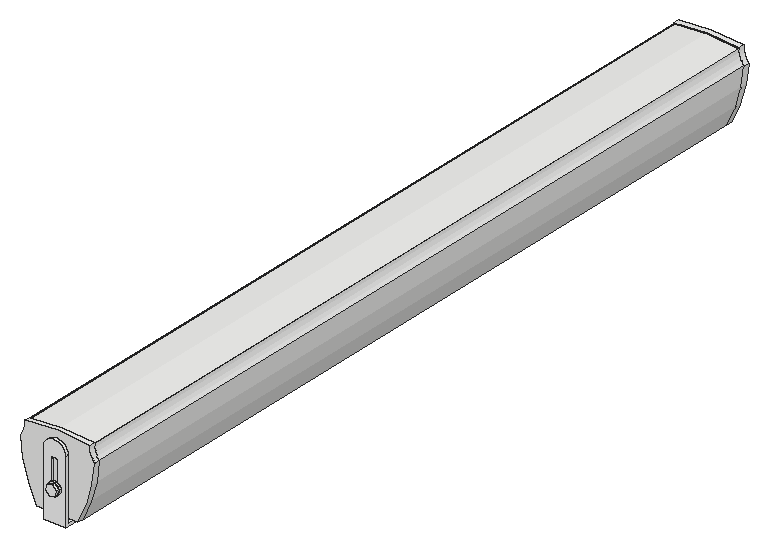
Revit family "Electronics_Desono_Biamp_Two-Way-Column-Loudspeaker_COLS101", category Communication Devices, host Face, Revit 2020
Family settings
  Host = Face
  Maintain Annotation Orientation = No
  Round Connector Dimension = Use Diameter
  Part Type = Normal
  OmniClass Number = 23.85.10.11.14.14.14
  OmniClass Title = Loudspeakers
  Cut with Voids When Loaded = No
  Shared = No
  Room Calculation Point = No
Parameters (values of type "COLS101")
  Width = 0' - 2.59843"  # constant formula
  Weight = 7.30 lbf  # constant formula
  URL = "https://www.biamp.com/"
  Transformer = "70V: 40W, 20W, 10W, 5W; 100V: 40W, 20W, 10W"  # constant formula
  Transducers = "LF 10 x 2 (51 mm) coated paper cone HF 1 x 1 (25 mm) soft dome"  # constant formula
  Shipping Weight = 8.60 lbf  # constant formula
  Rotate angle [instance] = 0.00°
  Recommended Amplifers = "30W - 60W @ 8Ω (20V - 28V)"  # constant formula
  Product data url = "https://www.bimobject.com/biamp/product/cols101_desono-column"
  Product Page URL = "https://www.biamp.com/products/product-families/desono/column-loudspeakers#cols101"
  Product Documentation Link = "https://downloads.biamp.com/assets/docs/default-source/data-sheets/biamp_data_sheet_desono_cols101_jun21.pdf"
  Operating Range 2 (-10dB) = "195 Hz to 22 kHz"  # constant formula
  Operating Mode = "Passive"  # constant formula
  Operating Environment = "Indoor/Outdoor"  # constant formula
  Offset [instance] = 0' - 0"
  Nominal Sensitivity @ 1m = "1W - 91dB; 2.83V - 91dB"  # constant formula
  Nominal Maximum SPL @ 1m = "Peak - 112dB; Continuous - 106dB"  # constant formula
  Nominal Beamwidth (H x V) = "120° x 10°"  # constant formula
  Nom rotate angle [instance] = if(and(Nom offset < 0' 0 1/4", or(Rotate angle < -15.00°, Rotate angle = -15.00°)), -15.00°, if(and(Nom offset < 0' 0 1/4", and(Rotate angle > -15.00°, Rotate angle < 15.00°)), Rotate angle, if(and(Nom offset < 0' 0 1/4", or(Rotate angle > 15.00°, Rotate angle = 15.00°)), 15.00°, if(and(and(Nom offset > 0' 0 51/256", Nom offset < 0' 0 217/256"), or(Rotate angle < -90.00°, Rotate angle = -90.00°)), -90.00°, if(and(and(Nom offset > 0' 0 51/256", Nom offset < 0' 0 217/256"), and(Rotate angle > -90.00°, Rotate angle < 90.00°)), Rotate angle, if(and(and(Nom offset > 0' 0 51/256", Nom offset < 0' 0 217/256"), or(Rotate angle > 90.00°, Rotate angle = 90.00°)), 90.00°, 0.00°))))))  # 0.00°
  Nom offset [instance] = if(or(Offset < 0' 0", Offset = 0' 0"), 0' 0", if(and(Offset > 0' 0", Offset < 0' 0 217/256"), Offset, if(or(Offset > 0' 0 217/256", Offset = 0' 0 217/256"), 0' 0 217/256", 0' 0")))  # 0' - 0"
  Mounting Provisions = "Adjustable tilt L-bracket"  # constant formula
  Model = "COLS101"  # constant formula
  Manufacturer = "Biamp"  # constant formula
  Input Connection = "Multi-position pass-through, screw-down terminal block"  # constant formula
  Housing Material = Biamp - Plastic - White
  Height = 2' - 4.38583"  # constant formula
  Grill Material = Biamp - Plastic - White(Grid)
  Environmental = "IP66 per IEC 60529"  # constant formula
  Description = "Desono™ COLS101 Two-Way 10 x 2 Column Loudspeaker"  # constant formula
  Depth = 0' - 2.59843"  # constant formula
  Default Elevation = 4' - 0"
  Controls = "None; select transformer tap or low impedance input via terminal block wiring"  # constant formula
  Continuous Power Handling Nominal Impedance = "15V; 30W @ 8Ω (120W peak)"  # constant formula
  Connector Description = "Terminal block; Low impedance 16 ohms; 70V/100V operation"  # constant formula
  Bracket Material = Biamp - Metal - White
Reference planes (in)
  plane 1 "Center (Front/Back)": y = 0
  plane 2: z = 0
  plane 3 "Center (Left/Right)": x = 0
  plane 4: z = 1.09766
  plane 5: z = 1.09766
Forms (in)
  Sweep 1, solid, material "Biamp - Metal - White" <- "Bracket Material", detail levels coarse
    path origin (0, 0, 0) x (1, 0, 0) y (0, 1, 0)
      loop
        line (0.3937, 0) -> (-0.3937, 0)
    profile origin (0, 0, 0) x (0, -1, 0) y (0, 0, 1)
      loop
        line (-14.31102, 0) -> (-11.24016, 0) -> (-11.24016, 0.07874) -> (-14.23228, 0.07874) -> (-14.23228, 2.61565) -> (-14.31102, 2.61565) -> (-14.31102, 0)
      loop
        line (14.31102, 0) -> (14.31102, 2.61565) -> (14.23228, 2.61565) -> (14.23228, 0.07874) -> (11.24016, 0.07874) -> (11.24016, 0) -> (14.31102, 0)
  Sweep 2, solid, material "Biamp - Metal - White" <- "Bracket Material", detail levels medium+fine
    path origin (0, 0, 0) x (1, 0, 0) y (0, 1, 0)
      loop
        line (0.3937, 0) -> (-0.3937, 0)
    profile origin (0, 0, 0) x (0, -1, 0) y (0, 0, 1)
      loop
        line (-14.31102, 0) -> (-11.24016, 0) -> (-11.24016, 0.07874) -> (-14.23228, 0.07874) -> (-14.23228, 2.61565) -> (-14.31102, 2.61565) -> (-14.31102, 0)
      loop
        line (14.31102, 0) -> (14.31102, 2.61565) -> (14.23228, 2.61565) -> (14.23228, 0.07874) -> (11.24016, 0.07874) -> (11.24016, 0) -> (14.31102, 0)
  Sweep 3, void
    path origin (0, 0, 0) x (1, 0, 0) y (0, 1, 0)
      loop
        line (0, -14.38976) -> (0, 14.38976)
    profile origin (0, 0, 0) x (-1, 0, 0) y (0, 0, 1)
      loop
        line (0.3937, 2.22195) -> (0.7874, 2.73406) -> (-0.7874, 2.73406) -> (-0.3937, 2.22195)
        arc (-0.3937, 2.22195) -> (0, 2.61565) -> (0.3937, 2.22195) r 0.3937
  Sweep 4, void
    path origin (0, 0, 0) x (1, 0, 0) y (0, 1, 0)
      loop
        line (0, -14.38976) -> (0, 14.38976)
    profile origin (0, 0, 0) x (-1, 0, 0) y (0, 0, 1)
      loop
        line (0.11834, 1.08194) -> (0.11834, 1.95664)
        arc (0.11834, 1.95664) -> (0, 2.07499) -> (-0.11834, 1.95664) r 0.11834
        line (-0.11834, 1.95664) -> (-0.11834, 1.08194)
        arc (-0.11834, 1.08194) -> (0, 0.9636) -> (0.11834, 1.08194) r 0.11834
  Revolve 5, solid, material "Biamp - Metal - White" <- "Bracket Material"
    sketch origin (0, 0, 0) x (0, 1, 0) y (0, 0, 1)
      loop
        line (14.0916, 1.09766) -> (14.37795, 1.09766) -> (14.37795, 1.31774) -> (14.31102, 1.31774) -> (14.31102, 1.15852) -> (14.0916, 1.15852) -> (14.0916, 1.09766)
      loop
        line (-14.0916, 1.09766) -> (-14.0916, 1.15852) -> (-14.31102, 1.15852) -> (-14.31102, 1.31774) -> (-14.37795, 1.31774) -> (-14.37795, 1.09766) -> (-14.0916, 1.09766)
      axis (-14.37795, 1.09766) -> (14.37795, 1.09766)
    angle from 0 to 360
  Sweep 6, solid, material "Biamp - Metal - White" <- "Bracket Material", detail levels medium+fine
    path origin (0, 6.24016, 0) x (0, 1, 0) y (0, 0, 1)
      loop
        line (8.13779, 1.09766) -> (8.21091, 1.09766)
    profile origin (0, 14.41451, 1.09766) x (0, 0, 1) y (1, 0, 0)
      loop
        line (0.05002, 0.18667) -> (-0.13665, 0.13665) -> (-0.18667, -0.05002) -> (-0.05002, -0.18667) -> (0.13665, -0.13665) -> (0.18667, 0.05002) -> (0.05002, 0.18667)
  Sweep 7, solid, material "Biamp - Metal - White" <- "Bracket Material", detail levels medium+fine
    path origin (0, -6.24016, 0) x (0, -1, 0) y (0, 0, 1)
      loop
        line (8.13779, 1.09766) -> (8.21091, 1.09766)
    profile origin (0, -14.41451, 1.09766) x (0, 0, -1) y (1, 0, 0)
      loop
        line (-0.05002, 0.18667) -> (-0.18667, 0.05002) -> (-0.13665, -0.13665) -> (0.05002, -0.18667) -> (0.18667, -0.05002) -> (0.13665, 0.13665) -> (-0.05002, 0.18667)
Cuts and joins
  Sweep 3, Sweep 4 cuts Sweep 2
  Sweep 4 cuts Sweep 1
Lines and regions (in)
  Masking region 1
    outline origin (0, 0, 0) x (1, 0, 0) y (0, 0, 1)
      loop
        line (-0.3937, 0) -> (0.3937, 0) -> (0.3937, 2.22195)
        arc (0.3937, 2.22195) -> (0, 2.61565) -> (-0.3937, 2.22195) r 0.3937
        line (-0.3937, 2.22195) -> (-0.3937, 0)
      loop
        line (0.11834, 1.08194) -> (0.11834, 1.95664)
        arc (0.11834, 1.95664) -> (0, 2.07499) -> (-0.11834, 1.95664) r 0.11834
        line (-0.11834, 1.95664) -> (-0.11834, 1.08194)
        arc (-0.11834, 1.08194) -> (0, 0.9636) -> (0.11834, 1.08194) r 0.11834
  Masking region 2
    outline origin (0, 0, 0) x (1, 0, 0) y (0, 1, 0)
      loop
        line (-0.3937, 14.38976) -> (-0.3937, 11.3189) -> (0.3937, 11.3189) -> (0.3937, 14.38976) -> (-0.3937, 14.38976)
      loop
        line (-0.3937, -14.38976) -> (0.3937, -14.38976) -> (0.3937, -11.3189) -> (-0.3937, -11.3189) -> (-0.3937, -14.38976)
  Masking region 3
    outline origin (0, 0, 0) x (1, 0, 0) y (0, 0, 1)
      loop
        circle (0, 1.09766) r 0.22008
  reference lines
    curve 1: line (0, 0, 1.09766) -> (0, 0, 4.64096)
Dimensions and locks (in)
  Masking region 1 sketch curve to Masking region 1 sketch curve = 0' - 2.22195"
  plane 2 to Masking region 1 sketch curve = 0' - 1.08194"
  "Nom offset": plane 4 to plane 5
  "Nom rotate angle": angle curve 1 to plane 3 "Center (Left/Right)"
  aligned and locked: plane 2 to host face
  aligned and locked: level to host face
  aligned and locked: plane 3 "Center (Left/Right)" to curve 1
  aligned and locked: plane 4 to curve 1
  aligned and locked: Sweep 7 sketch curve to plane 4
Automatic sketch dimensions
  host sketch curve to host sketch curve = 8' - 0"  (x2)
  plane 1 "Center (Front/Back)" to Sweep 1 sketch curve = 0' - 0"
  Sweep 1 sketch curve to plane 3 "Center (Left/Right)" = 0' - 0.3937"
  plane 3 "Center (Left/Right)" to Sweep 1 sketch curve = 0' - 0.3937"
  Sweep 1 sketch curve to level = 0' - 0"  (x2)
  level to Sweep 1 sketch curve = 0' - 2.61565"
  profile plane to Sweep 1 sketch curve = 1' - 2.31102"
  Sweep 1 sketch curve to Sweep 1 sketch curve = 0' - 0.07874"  (x2)
  level to Sweep 1 sketch curve = 0' - 0.07874"  (x2)
  Sweep 1 sketch curve to Sweep 1 sketch curve = 0' - 2.99213"  (x2)
  Sweep 1 sketch curve to profile plane = 0' - 11.24016"
  Sweep 1 sketch curve to Sweep 1 sketch curve = 0' - 2.53691"
  plane 1 "Center (Front/Back)" to Sweep 2 sketch curve = 0' - 0"
  Sweep 2 sketch curve to plane 3 "Center (Left/Right)" = 0' - 0.3937"
  plane 3 "Center (Left/Right)" to Sweep 2 sketch curve = 0' - 0.3937"
  Sweep 2 sketch curve to level = 0' - 0"  (x2)
  level to Sweep 2 sketch curve = 0' - 2.61565"
  profile plane to Sweep 2 sketch curve = 1' - 2.31102"
  Sweep 2 sketch curve to Sweep 2 sketch curve = 0' - 0.07874"  (x2)
  level to Sweep 2 sketch curve = 0' - 0.07874"  (x2)
  Sweep 2 sketch curve to Sweep 2 sketch curve = 0' - 2.99213"  (x2)
  Sweep 2 sketch curve to profile plane = 0' - 11.24016"
  Sweep 2 sketch curve to Sweep 2 sketch curve = 0' - 2.53691"
  Sweep 3 sketch curve to profile plane = 0' - 0"
  profile plane to Sweep 3 sketch curve = 0' - 0.3937"
  Sweep 3 sketch curve to Sweep 3 sketch curve = 0' - 0.3937"  (x2)
  level to Sweep 3 sketch curve = 0' - 2.22195"
  Sweep 3 sketch curve to Sweep 3 sketch curve = 0' - 0.51211"
  Sweep 4 sketch curve to plane 3 "Center (Left/Right)" = 0' - 0"
  plane 1 "Center (Front/Back)" to Sweep 4 sketch curve = 1' - 2.38976"
  Sweep 4 sketch curve to plane 1 "Center (Front/Back)" = 1' - 2.38976"
  Sweep 4 sketch curve to profile plane = 0' - 0"
  profile plane to Sweep 4 sketch curve = 0' - 0.11834"
  level to Sweep 4 sketch curve = 0' - 1.08194"
  Sweep 4 sketch curve to Sweep 4 sketch curve = 0' - 0.8747"
  Revolve 5 sketch curve to plane 4 = 0' - 0"  (x3)
  plane 1 "Center (Front/Back)" to Revolve 5 sketch curve = 1' - 2.37795"
  Revolve 5 sketch curve to Revolve 5 sketch curve = 0' - 0.06693"  (x2)
  Revolve 5 sketch curve to Revolve 5 sketch curve = 0' - 0.21943"  (x2)
  Revolve 5 sketch curve to plane 1 "Center (Front/Back)" = 1' - 2.0916"
  plane 4 to Revolve 5 sketch curve = 0' - 0.06086"  (x2)
  Revolve 5 sketch curve to Revolve 5 sketch curve = 0' - 0.15922"  (x2)
  Revolve 5 sketch curve to Revolve 5 sketch curve = 0' - 6.37506"
  Revolve 5 sketch curve to Revolve 5 sketch curve = 0' - 6.07087"
  Sweep 6 sketch curve to plane 4 = 0' - 0"
  Sweep 6 sketch curve to plane 1 "Center (Front/Back)" = 1' - 2.37795"
  Sweep 6 sketch curve to Sweep 6 sketch curve = 0' - 0.07312"
  Sweep 6 sketch curve to plane 3 "Center (Left/Right)" = 0' - 0.05002"
  profile plane to Sweep 6 sketch curve = 0' - 0.18667"
  profile plane to Sweep 6 sketch curve = 0' - 0.13665"
  profile plane to Sweep 6 sketch curve = 0' - 0.05002"
  Sweep 6 sketch curve to profile plane = 0' - 0.05002"
  Sweep 6 sketch curve to profile plane = 0' - 0.13665"
  plane 3 "Center (Left/Right)" to Sweep 6 sketch curve = 0' - 0.05002"
  Sweep 6 sketch curve to profile plane = 0' - 0.18667"
  Sweep 6 sketch curve to plane 3 "Center (Left/Right)" = 0' - 0.13665"
  Sweep 6 sketch curve to plane 3 "Center (Left/Right)" = 0' - 0.18667"
  plane 3 "Center (Left/Right)" to Sweep 6 sketch curve = 0' - 0.13665"
  plane 3 "Center (Left/Right)" to Sweep 6 sketch curve = 0' - 0.18667"
  Sweep 7 sketch curve to plane 1 "Center (Front/Back)" = 1' - 2.37795"
  Sweep 7 sketch curve to Sweep 7 sketch curve = 0' - 0.07312"
  plane 3 "Center (Left/Right)" to Sweep 7 sketch curve = 0' - 0.05002"
  profile plane to Sweep 7 sketch curve = 0' - 0.18667"
  profile plane to Sweep 7 sketch curve = 0' - 0.13665"
  profile plane to Sweep 7 sketch curve = 0' - 0.05002"
  Sweep 7 sketch curve to profile plane = 0' - 0.05002"
  Sweep 7 sketch curve to profile plane = 0' - 0.13665"
  Sweep 7 sketch curve to plane 3 "Center (Left/Right)" = 0' - 0.05002"
  Sweep 7 sketch curve to profile plane = 0' - 0.18667"
  Sweep 7 sketch curve to plane 3 "Center (Left/Right)" = 0' - 0.13665"
  Sweep 7 sketch curve to plane 3 "Center (Left/Right)" = 0' - 0.18667"
  plane 3 "Center (Left/Right)" to Sweep 7 sketch curve = 0' - 0.13665"
  plane 3 "Center (Left/Right)" to Sweep 7 sketch curve = 0' - 0.18667"
  Masking region 1 sketch curve to level = 0' - 0"
  Masking region 1 sketch curve to plane 3 "Center (Left/Right)" = 0' - 0.3937"
  Masking region 1 sketch curve to plane 3 "Center (Left/Right)" = 0' - 0"  (x2)
  Sweep 3 sketch curve to plane 3 "Center (Left/Right)" = 0' - 0"
  plane 1 "Center (Front/Back)" to Sweep 3 sketch curve = 1' - 2.38976"
  Sweep 3 sketch curve to plane 1 "Center (Front/Back)" = 1' - 2.38976"
  Masking region 2 sketch curve to plane 3 "Center (Left/Right)" = 0' - 0.3937"  (x2)
  plane 3 "Center (Left/Right)" to Masking region 2 sketch curve = 0' - 0.3937"  (x2)
  plane 1 "Center (Front/Back)" to Masking region 2 sketch curve = 1' - 2.38976"
  Masking region 2 sketch curve to Masking region 2 sketch curve = 0' - 3.07087"  (x2)
  Masking region 2 sketch curve to plane 1 "Center (Front/Back)" = 0' - 11.3189"
  Masking region 1 sketch curve to Masking region 1 sketch curve = 0' - 0.11834"
  Masking region 1 sketch curve to Masking region 1 sketch curve = 0' - 0.26531"
  Masking region 3 sketch curve to plane 3 "Center (Left/Right)" = 0' - 0"
  Masking region 3 sketch curve to plane 4 = 0' - 0"
  radius of Masking region 3 sketch curve = 0' - 0.22008"
Nested families (in)
  nested 1: "COLS101" at (0, 0, 0.23644), Housing Material <- "Housing Material", Grill <- "Grill Material", type "COLS101"
    with Housing Material Biamp - Plastic - White, Grill Biamp - Plastic - White(Grid)
Connectors (in)
  electrical at (0.00001, -7.87402, 0.28365), driven by "Connector Description"
    settings: on nested 1, index 1, voltage 0 V, apparent load 0 VA, apparent load phase1 0 VA, apparent load phase2 0 VA, apparent load phase3 0 VA, power factor 1, load classification "Other", number of poles 1, system type 5, power factor state 1, is connector primary yes, connector utility no, sub classification motor no, connector description "Terminal block; Low impedance 16 ohms; 70V/100V operation"
Definition of nested family "COLS101"
  Parameters (values of type "COLS101")
    Housing Material [instance] = none
    Grill [instance] = none
    Default Elevation = 4' - 0"
  Reference planes (in)
    plane 1 "Center (Front/Back)": y = 0
    plane 2: z = 0
    plane 3 "Center (Left/Right)": x = 0
  Forms (in)
    Extrusion 1, solid, material <- "Housing Material", detail levels medium+fine
      sketch origin (0, 0, 0) x (1, 0, 0) y (0, 0, 1)
        loop
          line (-0.71874, 0) -> (0.71874, 0)
          arc (0.71874, 0) -> (1.11926, 0.97774) -> (1.2915, 2.0202) r 4.70511
          arc (1.2915, 2.0202) -> (1.16796, 2.24634) -> (1.12608, 2.50061) r 0.76881
          arc (1.12608, 2.50061) -> (0, 2.58381) -> (-1.12608, 2.50061) r 7.66194
          arc (-1.12608, 2.50061) -> (-1.16796, 2.24634) -> (-1.2915, 2.0202) r 0.76881
          arc (-1.2915, 2.0202) -> (-1.11926, 0.97774) -> (-0.71874, 0) r 4.70511
      from -13.99606 to 13.99606
    Extrusion 2, solid, material <- "Housing Material", detail levels medium+fine
      sketch origin (0, 0, 0) x (1, 0, 0) y (0, 0, 1)
        loop
          line (-0.71874, 0) -> (0.71874, 0)
          arc (0.71874, 0) -> (1.11926, 0.97774) -> (1.2915, 2.0202) r 4.70511
          arc (1.2915, 2.0202) -> (1.16406, 2.25798) -> (1.1266, 2.52514) r 0.76881
          arc (1.1266, 2.52514) -> (0, 2.60841) -> (-1.1266, 2.52514) r 7.66194
          arc (-1.1266, 2.52514) -> (-1.16406, 2.25798) -> (-1.2915, 2.0202) r 0.76881
          arc (-1.2915, 2.0202) -> (-1.11926, 0.97774) -> (-0.71874, 0) r 4.70511
      from 13.99606 to 14.19291
    Extrusion 3, solid, material <- "Housing Material", detail levels medium+fine
      sketch origin (0, 0, 0) x (1, 0, 0) y (0, 0, 1)
        loop
          line (-0.71874, 0) -> (0.71874, 0)
          arc (0.71874, 0) -> (1.11926, 0.97774) -> (1.2915, 2.0202) r 4.70511
          arc (1.2915, 2.0202) -> (1.16406, 2.25798) -> (1.1266, 2.52514) r 0.76881
          arc (1.1266, 2.52514) -> (0, 2.60841) -> (-1.1266, 2.52514) r 7.66194
          arc (-1.1266, 2.52514) -> (-1.16406, 2.25798) -> (-1.2915, 2.0202) r 0.76881
          arc (-1.2915, 2.0202) -> (-1.11926, 0.97774) -> (-0.71874, 0) r 4.70511
      from -14.19291 to -13.99606
    Extrusion 4, solid, material <- "Housing Material", detail levels coarse
      sketch origin (0, 0, 0) x (1, 0, 0) y (0, 0, 1)
        loop
          line (-0.71874, 0) -> (0.71874, 0)
          arc (0.71874, 0) -> (1.11926, 0.97774) -> (1.2915, 2.0202) r 4.70511
          arc (1.2915, 2.0202) -> (1.16796, 2.24634) -> (1.12608, 2.50061) r 0.76881
          arc (1.12608, 2.50061) -> (0, 2.58381) -> (-1.12608, 2.50061) r 7.66194
          arc (-1.12608, 2.50061) -> (-1.16796, 2.24634) -> (-1.2915, 2.0202) r 0.76881
          arc (-1.2915, 2.0202) -> (-1.11926, 0.97774) -> (-0.71874, 0) r 4.70511
      from -14.19291 to 14.19291
    Extrusion 5, void
      sketch origin (0, 0, 0) x (1, 0, 0) y (0, 1, 0)
        loop
          line (-1.10639, -13.99606) -> (1.1064, -13.99606) -> (1.1064, 13.99606) -> (-1.10639, 13.99606) -> (-1.10639, -13.99606)
      from 2.36707 to 2.82334
    Extrusion 6, solid, material <- "Grill", detail levels medium+fine
      sketch origin (0, -14.19291, 0) x (1, 0, 0) y (0, 0, 1)
        loop
          line (-1.10639, 2.50351) -> (-1.10639, 2.42392)
          arc (-1.10639, 2.42392) -> (0.00001, 2.50507) -> (1.1064, 2.42392) r 7.58319
          line (1.1064, 2.42392) -> (1.1064, 2.5035)
          arc (1.1064, 2.5035) -> (0.00001, 2.58381) -> (-1.10639, 2.50351) r 7.66194
      from -28.18898 to -0.19685
    Extrusion 7, void
      sketch origin (-0.71874, -2.06693, 0) x (-1, 0, 0) y (0, -1, 0)
        loop
          circle (-0.71875, 5.80709) r 0.19685
      from 0 to 0.04722
  Cuts and joins
    Extrusion 5, Extrusion 7 cuts Extrusion 1
    Extrusion 7 cuts Extrusion 4
    Extrusion 7 cuts Extrusion 6
  Lines and regions (in)
    Masking region 1
      outline origin (0, 0, 0) x (1, 0, 0) y (0, 1, 0)
        loop
          line (-1.2915, 14.19291) -> (-1.2915, 13.99606) -> (1.2915, 13.99606) -> (1.2915, 14.19291) -> (-1.2915, 14.19291)
        loop
          line (-1.2915, -13.99606) -> (-1.2915, -14.19291) -> (1.2915, -14.19291) -> (1.2915, -13.99606) -> (-1.2915, -13.99606)
    Masking region 2
      outline origin (0, 0, 0) x (1, 0, 0) y (0, 1, 0)
        loop
          line (-1.2915, 13.99606) -> (-1.2915, -13.99606) -> (1.2915, -13.99606) -> (1.2915, 13.99606) -> (-1.2915, 13.99606)
    Masking region 3
      outline origin (0, 0, 0) x (1, 0, 0) y (0, 1, 0)
        loop
          line (-1.10639, 13.99606) -> (-1.10639, -13.99606) -> (1.1064, -13.99606) -> (1.1064, 13.99606) -> (-1.10639, 13.99606)
    Masking region 4
      outline origin (0, 0, 0) x (1, 0, 0) y (0, 0, 1)
        loop
          arc (-1.2915, 2.0202) -> (-1.11926, 0.97774) -> (-0.71874, 0) r 4.70511
          line (-0.71874, 0) -> (0.71874, 0)
          arc (0.71874, 0) -> (1.11926, 0.97774) -> (1.2915, 2.0202) r 4.70511
          arc (1.2915, 2.0202) -> (1.16406, 2.25798) -> (1.1266, 2.52514) r 0.76881
          arc (1.1266, 2.52514) -> (0, 2.60841) -> (-1.1266, 2.52514) r 7.66194
          arc (-1.1266, 2.52514) -> (-1.16406, 2.25798) -> (-1.2915, 2.0202) r 0.76881
  Dimensions and locks (in)
    aligned and locked: level to plane 2
